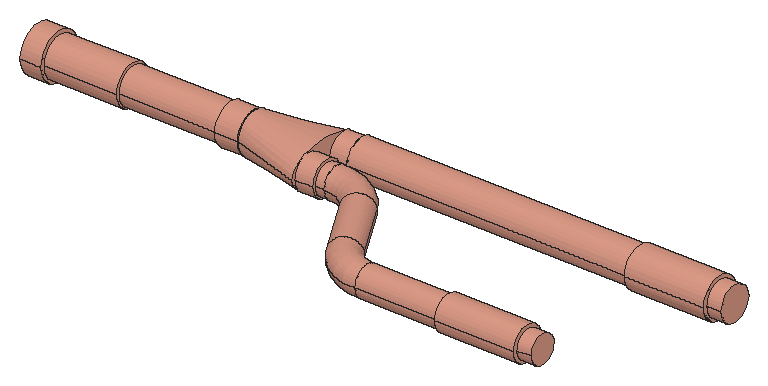
Revit family "outputfile", category 配管付属品, Revit 2024
Family settings
  丸型コネクタ寸法 = 半径を使用
  パーツ タイプ = 標準
  OmniClass 番号 = 23.65.55.00
  OmniClass タイトル = Distribution of Supplied Liquids/Gases
  作業面ベース = いいえ
  常に垂直 = はい
  ロード時にボイドで切り取り = いいえ
  共有 = いいえ
Parameters (values of type "KHRP25A33T")
  Description = ""
  製造元 = "Daikin"
  書き出し IFC クラス(タイプ) = "IfcPipeFittingType"
  定義済み IFC タイプ(タイプ) = "JUNCTION"
  Cost = 0
  Type Comments = ""
  Keynote = ""
  Type Image = (empty or 0)
  Assembly Code = ""
  mm⇔inch [instance] = yes
  l_dividePipe1 [instance] = size_lookup(table_StraightPipe, "l_dividePipe1", 10.0 mm, モデル)  # 10.0 mm
  Default Elevation = 0.0 mm
  モデル = "KHRP25A33T"
  table_StraightPipe [instance] = if(mm⇔inch, "Refnet Joint_KHRP25A-T_Gas_StraightPipe", "Refnet Joint_KHRP25A-T_Gas_StraightPipe_inch")  # "Refnet Joint_KHRP25A-T_Gas_StraightPipe"
  table_BranchPipe [instance] = if(mm⇔inch, "Refnet Joint_KHRP25A-T_Gas_BranchPipe", "Refnet Joint_KHRP25A-T_Gas_BranchPipe_inch")  # "Refnet Joint_KHRP25A-T_Gas_BranchPipe"
  table_Inlet [instance] = if(mm⇔inch, "Refnet Joint_KHRP25A-T_Gas_Inlet", "Refnet Joint_KHRP25A-T_Gas_Inlet_inch")  # "Refnet Joint_KHRP25A-T_Gas_Inlet"
  switch_StraightPipe_Reducer [instance] = if(Is_StraightPipe Reducer = 1, 1 = 1, 1 = 0)  # no
  switch_StraightPipe3 [instance] = if(number_StraightPipe = 3, 1 = 1, 1 = 0)  # no
  switch_StraightPipe2 [instance] = if(number_StraightPipe < 2, 1 = 0, 1 = 1)  # yes
  switch_BranchPipe_Reducer [instance] = if(Is_BranchPipe Reducer = 1, 1 = 1, 1 = 0)  # no
  switch_BranchPipe3 [instance] = if(number_BranchPipe = 3, 1 = 1, 1 = 0)  # no
  switch_BranchPipe2 [instance] = if(number_BranchPipe < 2, 1 = 0, 1 = 1)  # yes
  switch_Inlet pipe_Reducer [instance] = if(Is_Inlet Reducer = 1, 1 = 1, 1 = 0)  # no
  switch_Inlet pipe3 [instance] = if(number_InletPipe = 3, 1 = 1, 1 = 0)  # no
  switch_Inlet pipe2 [instance] = if(number_InletPipe < 2, 1 = 0, 1 = 1)  # yes
  Uniclass2015Version = "Products v1.31"
  Uniclass2015Title = "Copper pipe fittings"
  Uniclass2015Code = "Pr_65_52_63_18"
  URL = ""
  StraightPipe_Gas_ActualDiameter [instance] = 15.9 mm
  Material_Piping = DAIKIN_Copper_Pipe
  Material_Insulation = DAIKIN_White_Insulation
  lw_Insulation [instance] = size_lookup(table_Inlet, "lw_Insulation", 57.8 mm, モデル)  # 57.6 mm
  Unit Type = "KHRP25A-T_Gas"
  Tag No. [instance] = ""
  StraightPipe_Gas_Status [instance] = size_lookup(table_StraightPipe, "Information", "The connected pipe size is not available.", モデル, StraightPipe_Gas_ActualDiameter)  # "Default connector size is used."
  Link_Nested Family [instance] = ""
  Inlet_Gas_Actual Diameter [instance] = 22.2 mm
  IfcVersion = ""
  IfcExportType = "JUNCTION"
  IfcExportAs = "IfcPipeFittingType"
  BranchPipe_Gas_Status [instance] = size_lookup(table_BranchPipe, "Information", "The connected pipe size is not available.", モデル, BranchPipe_Gas_ActualDiameter)  # "Default connector size is used."
  Inlet_Gas_Status [instance] = size_lookup(table_Inlet, "Information", "The connected pipe size is not available.", モデル, Inlet_Gas_Actual Diameter)  # "Default connector size is used."
  Series = "Refnet Joint"
  O.R_dividePipe_Inlet [instance] = (I.D_InletPipe1 + 2.0 mm) / 2  # 10.55 mm
  r_StraightPipe_Connector [instance] = StraightPipe_Gas_ActualDiameter / 2  # 7.95 mm
  r_BranchPipe_Connector [instance] = BranchPipe_Gas_ActualDiameter / 2  # 6.35 mm
  r_Inlet_Connector [instance] = Inlet_Gas_Actual Diameter / 2  # 11.1 mm
  number_StraightPipe [instance] = size_lookup(table_StraightPipe, "pipeNumber", 2, モデル, StraightPipe_Gas_ActualDiameter)  # 2
  number_BranchPipe [instance] = size_lookup(table_BranchPipe, "pipeNumber", 2, モデル, BranchPipe_Gas_ActualDiameter)  # 2
  number_InletPipe [instance] = size_lookup(table_Inlet, "pipeNumber", 3, モデル, Inlet_Gas_Actual Diameter)  # 2
  r_BranchPipeR [instance] = size_lookup(table_BranchPipe, "r_offsetPipeR", 25.0 mm, モデル, BranchPipe_Gas_ActualDiameter)  # 25.0 mm
  l_BranchPipe_Straight2 [instance] = size_lookup(table_BranchPipe, "L_offsetPipe2", 43.0 mm, モデル)  # 43.0 mm
  l_BranchPipe_Straight1 [instance] = size_lookup(table_BranchPipe, "L_offsetPipe1", 5.0 mm, モデル)  # 5.0 mm
  l_BranchPipe connector [instance] = size_lookup(table_BranchPipe, "Length", 170.0 mm, モデル, BranchPipe_Gas_ActualDiameter)  # 170.0 mm
  l_inlet connector [instance] = size_lookup(table_Inlet, "Length", 130.0 mm, モデル, Inlet_Gas_Actual Diameter)  # 114.0 mm
  l_dividePipe [instance] = size_lookup(table_Inlet, "L_devidePipe", 38.0 mm, モデル)  # 38.0 mm
  l_StraightPipeReducer [instance] = size_lookup(table_StraightPipe, "L_Reducer", 80.0 mm, モデル, StraightPipe_Gas_ActualDiameter)  # 100.0 mm
  l_StraightPipe3 [instance] = size_lookup(table_StraightPipe, "L_Pipe3", 2.0 mm, モデル)  # 2.0 mm
  l_StraightPipe2 [instance] = size_lookup(table_StraightPipe, "L_Pipe2", 8.0 mm, モデル)  # 8.0 mm
  l_StraightPipe1 [instance] = size_lookup(table_StraightPipe, "L_Pipe1", 42.0 mm, モデル)  # 42.0 mm
  l_StraightPipe0 [instance] = size_lookup(table_StraightPipe, "L_Pipe0", 152.0 mm, モデル)  # 148.0 mm
  l_StraightPipe connector [instance] = size_lookup(table_StraightPipe, "Length", 212.0 mm, モデル, StraightPipe_Gas_ActualDiameter)  # 208.0 mm
  l_BranchPipe Reducer [instance] = size_lookup(table_BranchPipe, "L_Reducer", 80.0 mm, モデル, BranchPipe_Gas_ActualDiameter)  # 80.0 mm
  l_BranchPipe3 [instance] = size_lookup(table_BranchPipe, "L_Pipe3", 2.0 mm, モデル)  # 2.0 mm
  l_BranchPipe2 [instance] = size_lookup(table_BranchPipe, "L_Pipe2", 8.0 mm, モデル)  # 8.0 mm
  l_BranchPipe1 [instance] = size_lookup(table_BranchPipe, "L_Pipe1", 42.0 mm, モデル)  # 42.0 mm
  l_BranchPipe0 [instance] = size_lookup(table_BranchPipe, "L_Pipe0", 110.0 mm, モデル)  # 110.0 mm
  l_InletReducer [instance] = size_lookup(table_Inlet, "L_Reducer", 100.0 mm, モデル, Inlet_Gas_Actual Diameter)  # 100.0 mm
  l_InletPipe3 [instance] = size_lookup(table_Inlet, "L_Pipe3", 8.0 mm, モデル)  # 2.0 mm
  l_InletPipe2 [instance] = size_lookup(table_Inlet, "L_Pipe2", 42.0 mm, モデル)  # 11.0 mm
  l_InletPipe1 [instance] = size_lookup(table_Inlet, "L_Pipe1", 40.0 mm, モデル)  # 39.0 mm
  l_InletPipe0 [instance] = size_lookup(table_Inlet, "L_Pipe0", 28.0 mm, モデル)  # 52.0 mm
  center_StraightPipe [instance] = size_lookup(table_StraightPipe, "center_Pipe", 11.5 mm, モデル)  # 11.5 mm
  center_BranchPipe2 [instance] = size_lookup(table_BranchPipe, "center_OffsetPipe", 68.5 mm, モデル)  # 68.5 mm
  center_BranchPipe1 [instance] = size_lookup(table_BranchPipe, "center_Pipe", 11.5 mm, モデル)  # 11.5 mm
  StraightPipe_Gas_AvailableDiameter [instance] = size_lookup(table_StraightPipe, "sizeVariation", "", モデル)  # "15.9/19.1/22.2mm"
  BranchPipe_Gas_AvailableDiameter [instance] = size_lookup(table_BranchPipe, "sizeVariation", "", モデル)  # "12.7/15.9/19.1mm"
  Inlet_Gas_Available Diameter [instance] = size_lookup(table_Inlet, "sizeVariation", "", モデル)  # "19.1/22.2/25.4mm"
  O.D_StraightPipe Reducer [instance] = size_lookup(table_StraightPipe, "O.D_reducer", 2.0 mm, モデル, StraightPipe_Gas_ActualDiameter)  # 2.0 mm
  O.D_Offset Outlet Reducer [instance] = size_lookup(table_BranchPipe, "O.D_reducer", 2.0 mm, モデル, BranchPipe_Gas_ActualDiameter)  # 2.0 mm
  O.D_Inlet Reducer [instance] = size_lookup(table_Inlet, "O.D_reducer", 2.0 mm, モデル, Inlet_Gas_Actual Diameter)  # 2.0 mm
  Is_StraightPipe Reducer [instance] = size_lookup(table_StraightPipe, "IsReducer", 0, モデル, StraightPipe_Gas_ActualDiameter)  # 0
  Is_BranchPipe Reducer [instance] = size_lookup(table_BranchPipe, "IsReducer", 0, モデル, BranchPipe_Gas_ActualDiameter)  # 0
  Is_Inlet Reducer [instance] = size_lookup(table_Inlet, "IsReducer", 0, モデル, Inlet_Gas_Actual Diameter)  # 0
  BranchPipe_Gas_ActualDiameter [instance] = 12.7 mm
  Attach_Insulation [instance] = no
  I.D_StraightPipe3 [instance] = size_lookup(table_StraightPipe, "I.D_PipeSize3", 2.0 mm, モデル)  # 2.0 mm
  I.D_StraightPipe2 [instance] = size_lookup(table_StraightPipe, "I.D_PipeSize2", 12.7 mm, モデル)  # 15.9 mm
  I.D_StraightPipe1 [instance] = size_lookup(table_StraightPipe, "I.D_PipeSize1", 15.9 mm, モデル)  # 19.1 mm
  I.D_StraightPipe0 [instance] = size_lookup(table_StraightPipe, "I.D_PipeSize0", 13.9 mm, モデル)  # 17.1 mm
  I.D_BranchPipe3 [instance] = size_lookup(table_BranchPipe, "I.D_PipeSize3", 2.0 mm, モデル)  # 2.0 mm
  I.D_BranchPipe2 [instance] = size_lookup(table_BranchPipe, "I.D_PipeSize2", 12.7 mm, モデル)  # 12.7 mm
  I.D_BranchPipe1 [instance] = size_lookup(table_BranchPipe, "I.D_PipeSize1", 15.9 mm, モデル)  # 15.9 mm
  I.D_BranchPipe0 [instance] = size_lookup(table_BranchPipe, "I.D_PipeSize0", 13.9 mm, モデル)  # 13.9 mm
  I.D_Straight Reducer [instance] = size_lookup(table_StraightPipe, "I.D_reducer", 2.0 mm, モデル, StraightPipe_Gas_ActualDiameter)  # 2.0 mm
  I.D_OutletPipe [instance] = size_lookup(table_Inlet, "I.D_OutletPipeSize", 16.0 mm, モデル, Inlet_Gas_Actual Diameter)  # 16.0 mm
  I.D_Branch Reducer [instance] = size_lookup(table_BranchPipe, "I.D_reducer", 2.0 mm, モデル, BranchPipe_Gas_ActualDiameter)  # 2.0 mm
  I.D_Inlet Reducer [instance] = size_lookup(table_Inlet, "I.D_reducer", 2.0 mm, モデル, Inlet_Gas_Actual Diameter)  # 2.0 mm
  I.D_InletPipe3 [instance] = size_lookup(table_Inlet, "I.D_PipeSize3", 12.7 mm, モデル)  # 2.0 mm
  I.D_InletPipe2 [instance] = size_lookup(table_Inlet, "I.D_PipeSize2", 15.9 mm, モデル)  # 22.2 mm
  I.D_InletPipe1 [instance] = size_lookup(table_Inlet, "I.D_PipeSize1", 19.1 mm, モデル)  # 19.1 mm
  I.D_InletPipe0 [instance] = size_lookup(table_Inlet, "I.D_PipeSize0", 17.1 mm, モデル)  # 17.1 mm
Reference planes
  plane 1 "Center (Front/Back)": y = 0
  plane 2: z = 0
  plane 3 "base_left": x = 0
  plane 4: x = 2
  plane 5: x = 13
  plane 6: x = 52
  plane 7: x = 104
  plane 8: x = 116
  plane 9: x = 154
  plane 10: x = 164
  plane 11 "center_straight outlet": y = 11.5
  plane 12 "center2_offset outlet": y = -68.5
  plane 13 "center1_offset outlet": y = -11.5
  plane 14: x = 312
  plane 15: x = 354
  plane 16: x = 362
  plane 17: x = 274
  plane 18: x = 316
  plane 19: x = 324
  plane 20: x = 364
  plane 21: x = 326
  plane 22 "Reducer_straightoutlet": x = 324
  plane 23: x = 362
  plane 24: y = -22.05
  plane 25: z = 10.55
  plane 26 "Inlet_connector": x = 2
  plane 27 "Left_Insulation": x = 58.4
Forms (mm)
  SweptBlend 1, solid, material "DAIKIN_Copper_Pipe" <- "Material_Piping"
    path origin (0, 0, 0) x (1, 0, 0) y (0, 1, 0)
      loop
        line (116, 0) -> (154, 0)
    profile origin (116, 0, 0) x (0, 1, 0) y (0, 0, 1)
      loop
        circle (0, 0) r 10.55
    end profile origin (154, 0, 0) x (0, 1, 0) y (0, 0, 1)
      loop
        spline (-22.05, 0) -> (-21.299, -2.731) -> (-19.096, -5.275) -> (-15.592, -7.46) -> (-11.025, -9.137) -> (-5.707, -10.191) -> (0, -10.55) -> (5.707, -10.191) -> (11.025, -9.137) -> (15.592, -7.46) -> (19.096, -5.275) -> (21.299, -2.731) -> (22.05, 0)
        spline (22.05, 0) -> (21.299, 2.731) -> (19.096, 5.275) -> (15.592, 7.46) -> (11.025, 9.137) -> (5.707, 10.191) -> (0, 10.55) -> (-5.707, 10.191) -> (-11.025, 9.137) -> (-15.592, 7.46) -> (-19.096, 5.275) -> (-21.299, 2.731) -> (-22.05, 0)
Dimensions and locks
  "l_InletPipe3": plane 3 "base_left" to plane 4
  "l_InletPipe2": plane 4 to plane 5
  "l_InletPipe1": plane 5 to plane 6
  "l_InletPipe0": plane 6 to plane 7
  locked: plane 7 to plane 8 at 12
  "center_StraightPipe": plane 1 "Center (Front/Back)" to plane 11 "center_straight outlet"
  "center_BranchPipe2": plane 12 "center2_offset outlet" to plane 1 "Center (Front/Back)"
  "center_BranchPipe1": plane 13 "center1_offset outlet" to plane 1 "Center (Front/Back)"
  "l_dividePipe": plane 8 to plane 9
  "l_dividePipe1": plane 9 to plane 10
  "l_StraightPipe0": plane 10 to plane 14
  "l_BranchPipe0": plane 10 to plane 17
  "l_BranchPipe1": plane 17 to plane 18
  "l_BranchPipe2": plane 18 to plane 19
  "l_StraightPipe1": plane 14 to plane 15
  "l_StraightPipe2": plane 15 to plane 16
  "l_StraightPipe3": plane 16 to plane 20
  "l_BranchPipe3": plane 19 to plane 21
  "l_BranchPipe connector": plane 9 to plane 22 "Reducer_straightoutlet"
  "l_StraightPipe connector": plane 9 to plane 23
  "O.R_dividePipe_Inlet": plane 24 to plane 13 "center1_offset outlet"
  "O.R_dividePipe_Inlet": plane 25 to plane 2
  "l_inlet connector": plane 26 "Inlet_connector" to plane 8
  "lw_Insulation": plane 27 "Left_Insulation" to plane 8
  "O.R_dividePipe_Inlet": radius of SweptBlend 1 sketch curve
  aligned and locked: level to plane 2
  aligned and locked: plane 2 to nested 1
  aligned and locked: plane 3 "base_left" to nested 1
  aligned and locked: plane 1 "Center (Front/Back)" to nested 1
  aligned and locked: plane 4 to nested 2
  aligned and locked: plane 1 "Center (Front/Back)" to nested 2
  aligned and locked: plane 5 to nested 2
  aligned and locked: plane 5 to nested 3
  aligned and locked: plane 6 to nested 3
  aligned and locked: plane 6 to nested 4
  aligned and locked: nested 4 to plane 7
  aligned and locked: nested 5 to plane 7
  aligned and locked: nested 5 to plane 8
  aligned and locked: plane 8 to SweptBlend 1 sketch curve
  aligned and locked: plane 9 to SweptBlend 1 sketch curve
  aligned and locked: plane 2 to SweptBlend 1 sketch curve  (x2)
  aligned and locked: plane 1 "Center (Front/Back)" to SweptBlend 1 sketch curve  (x2)
  aligned and locked: nested 6 to plane 9
  aligned and locked: nested 7 to plane 9
  aligned and locked: nested 6 to plane 11 "center_straight outlet"
  aligned and locked: nested 7 to plane 13 "center1_offset outlet"
  aligned and locked: nested 7 to plane 10
  aligned and locked: nested 6 to plane 10
  aligned and locked: nested 8 to plane 10
  aligned and locked: plane 14 to nested 8
  aligned and locked: nested 8 to plane 11 "center_straight outlet"
  aligned and locked: plane 14 to nested 9
  aligned and locked: nested 9 to plane 11 "center_straight outlet"
  aligned and locked: plane 15 to nested 9
  aligned and locked: nested 10 to plane 11 "center_straight outlet"
  aligned and locked: plane 15 to nested 10
  aligned and locked: plane 16 to nested 10
  aligned and locked: nested 11 to plane 12 "center2_offset outlet"
  aligned and locked: plane 17 to nested 11
  aligned and locked: plane 18 to nested 11
  aligned and locked: nested 12 to plane 12 "center2_offset outlet"
  aligned and locked: plane 18 to nested 12
  aligned and locked: plane 19 to nested 12
  aligned and locked: nested 13 to plane 10
  aligned and locked: nested 13 to plane 13 "center1_offset outlet"
  aligned and locked: nested 13 to plane 12 "center2_offset outlet"
  aligned and locked: plane 8 to nested 14
  aligned and locked: plane 1 "Center (Front/Back)" to nested 14
  aligned and locked: plane 11 "center_straight outlet" to nested 15
  aligned and locked: nested 15 to plane 9
  aligned and locked: nested 16 to plane 9
  aligned and locked: plane 12 "center2_offset outlet" to nested 16
  aligned and locked: nested 17 to plane 1 "Center (Front/Back)"
  aligned and locked: plane 16 to nested 18
  aligned and locked: plane 20 to nested 18
  aligned and locked: plane 19 to nested 19
  aligned and locked: plane 21 to nested 19
  aligned and locked: nested 20 to plane 12 "center2_offset outlet"
  aligned and locked: plane 23 to nested 21
  aligned and locked: nested 21 to plane 11 "center_straight outlet"
  aligned and locked: plane 4 to nested 1
  aligned and locked: plane 24 to SweptBlend 1 sketch curve
  aligned and locked: plane 25 to SweptBlend 1 sketch curve
  aligned and locked: nested 19 to plane 12 "center2_offset outlet"
  aligned and locked: nested 18 to plane 11 "center_straight outlet"
  aligned and locked: nested 17 to plane 26 "Inlet_connector"
  aligned and locked: plane 22 "Reducer_straightoutlet" to nested 20
  aligned and locked: plane 27 "Left_Insulation" to nested 22
  aligned and locked: plane 1 "Center (Front/Back)" to nested 22
Automatic sketch dimensions
  plane 1 "Center (Front/Back)" to SweptBlend 1 sketch curve = 0.0 mm
Nested families
  nested 1: "daikin_Pipe" at (1, 0, 0), I.D_Pipe <- "I.D_InletPipe3", display <- "switch_Inlet pipe3", type "*"
    with length_Pipe 2.0 mm, display no, O.D_Pipe 4.0 mm, I.D_Pipe 2.0 mm
  nested 2: "daikin_Pipe" at (7.5, 0, 0), I.D_Pipe <- "I.D_InletPipe2", display <- "switch_Inlet pipe2", type "*"
    with length_Pipe 11.0 mm, display yes, O.D_Pipe 24.2 mm, I.D_Pipe 22.2 mm
  nested 3: "daikin_Pipe" at (32.5, 0, 0), I.D_Pipe <- "I.D_InletPipe1", type "*"
    with length_Pipe 39.0 mm, display yes, O.D_Pipe 21.1 mm, I.D_Pipe 19.1 mm
  nested 4: "daikin_Pipe" at (78, 0, 0), I.D_Pipe <- "I.D_InletPipe0", type "*"
    with length_Pipe 52.0 mm, display yes, O.D_Pipe 19.1 mm, I.D_Pipe 17.1 mm
  nested 5: "daikin_Pipe" at (110, 0, 0), I.D_Pipe <- "I.D_InletPipe1", type "*"
    with length_Pipe 12.0 mm, display yes, O.D_Pipe 21.1 mm, I.D_Pipe 19.1 mm
  nested 6: "daikin_Pipe" at (159, 11.5, 0), I.D_Pipe <- "I.D_OutletPipe", type "*"
    with length_Pipe 10.0 mm, display yes, O.D_Pipe 18.0 mm, I.D_Pipe 16.0 mm
  nested 7: "daikin_Pipe" at (159, -11.5, 0), I.D_Pipe <- "I.D_OutletPipe", type "*"
    with length_Pipe 10.0 mm, display yes, O.D_Pipe 18.0 mm, I.D_Pipe 16.0 mm
  nested 8: "daikin_Pipe" at (238, 11.5, 0), I.D_Pipe <- "I.D_StraightPipe0", type "*"
    with length_Pipe 148.0 mm, display yes, O.D_Pipe 19.1 mm, I.D_Pipe 17.1 mm
  nested 9: "daikin_Pipe" at (333, 11.5, 0), I.D_Pipe <- "I.D_StraightPipe1", type "*"
    with length_Pipe 42.0 mm, display yes, O.D_Pipe 21.1 mm, I.D_Pipe 19.1 mm
  nested 10: "daikin_Pipe" at (358, 11.5, 0), I.D_Pipe <- "I.D_StraightPipe2", display <- "switch_StraightPipe2", type "*"
    with length_Pipe 8.0 mm, display yes, O.D_Pipe 17.9 mm, I.D_Pipe 15.9 mm
  nested 11: "daikin_Pipe" at (295, -68.5, 0), I.D_Pipe <- "I.D_BranchPipe1", type "*"
    with length_Pipe 42.0 mm, display yes, O.D_Pipe 17.9 mm, I.D_Pipe 15.9 mm
  nested 12: "daikin_Pipe" at (320, -68.5, 0), I.D_Pipe <- "I.D_BranchPipe2", display <- "switch_BranchPipe2", type "*"
    with length_Pipe 8.0 mm, display yes, O.D_Pipe 14.7 mm, I.D_Pipe 12.7 mm
  nested 13: "daikin_Pipe Ofsset" at (164, -11.5, 0), I.D_Pipe size <- "I.D_BranchPipe0", length_straight pipe1 <- "l_BranchPipe_Straight1", length_straight pipe2 <- "l_BranchPipe_Straight2", r_Pipe R <- "r_BranchPipeR", length_Pipe <- "l_BranchPipe0", type "*"
    with r_Pipe R 25.0 mm, length_straight pipe2 43.0 mm, length_straight pipe1 5.0 mm, length_offset center 57.0 mm, length_Pipe 110.0 mm, O.D_Pipe size 15.9 mm, I.D_Pipe size 13.9 mm
  nested 14: "daikin_connector_rotate2" at (116, 0, 0) x (0, -1, 0) z (0, 0, 1), length <- "l_inlet connector", type "daikin_connector_rotate2"
    with radius 5.0 mm, length 114.0 mm, angle_vertical 90.00°, locaton_mark no
  nested 15: "daikin_connector_rotate2" at (154, 11.5, 0) x (0, 1, 0) z (0, 0, 1), length <- "l_StraightPipe connector", type "daikin_connector_rotate2"
    with radius 5.0 mm, length 208.0 mm, angle_vertical 90.00°, locaton_mark no
  nested 16: "daikin_connector_rotate2" at (154, -68.5, 0) x (0, 1, 0) z (0, 0, 1), length <- "l_BranchPipe connector", type "daikin_connector_rotate2"
    with radius 5.0 mm, length 170.0 mm, angle_vertical 90.00°, locaton_mark no
  nested 17: "daikin_Pipe_reducer" at (52, 0, 0) x (-1, 0, 0) z (0, 0, 1), display <- "switch_Inlet pipe_Reducer", length_Pipe <- "l_InletReducer", I.D_Pipe1 <- "I.D_Inlet Reducer", O.D_Pipe2 <- "O.D_Inlet Reducer", type "*"
    with length_Pipe 100.0 mm, display no, O.D_Pipe2 2.0 mm, O.D_Pipe1 4.0 mm, I.D_Pipe2 0.0 mm, I.D_Pipe1 2.0 mm
  nested 18: "daikin_Pipe" at (363, 11.5, 0), I.D_Pipe <- "I.D_StraightPipe3", display <- "switch_StraightPipe3", type "*"
    with length_Pipe 2.0 mm, display no, O.D_Pipe 4.0 mm, I.D_Pipe 2.0 mm
  nested 19: "daikin_Pipe" at (325, -68.5, 0), I.D_Pipe <- "I.D_BranchPipe3", display <- "switch_BranchPipe3", type "*"
    with length_Pipe 2.0 mm, display no, O.D_Pipe 4.0 mm, I.D_Pipe 2.0 mm
  nested 20: "daikin_Pipe_reducer" at (284, -68.5, 0), I.D_Pipe1 <- "I.D_Branch Reducer", O.D_Pipe2 <- "O.D_Offset Outlet Reducer", length_Pipe <- "l_BranchPipe Reducer", display <- "switch_BranchPipe_Reducer", type "*"
    with length_Pipe 80.0 mm, display no, O.D_Pipe2 2.0 mm, O.D_Pipe1 4.0 mm, I.D_Pipe2 0.0 mm, I.D_Pipe1 2.0 mm
  nested 21: "daikin_Pipe_reducer" at (312, 11.5, 0), I.D_Pipe1 <- "I.D_Straight Reducer", O.D_Pipe2 <- "O.D_StraightPipe Reducer", length_Pipe <- "l_StraightPipeReducer", display <- "switch_StraightPipe_Reducer", type "*"
    with length_Pipe 100.0 mm, display no, O.D_Pipe2 2.0 mm, O.D_Pipe1 4.0 mm, I.D_Pipe2 0.0 mm, I.D_Pipe1 2.0 mm
  nested 22: "daikin_Insulation_RefnetJoint" at (58.4, 0, 0), I.D_Outlet PipeSize <- "I.D_OutletPipe", type "*"
    with h 48.0 mm, I.D_Outlet PipeSize 16.0 mm, h_Insulation 203.2 mm, d_Insulation3_3 69.5 mm, d_Insulation2_2 39.5 mm, d_Insulation1_1 27.5 mm, w_Insulation4 65.6 mm, w_Insulation3 38.9 mm, w_Insulation2 75.0 mm, w_Insulation1 35.0 mm, display no, d_Insulation2 39.5 mm, d_Insulation1 27.5 mm
Connectors
  piping at (2, 0, 0), diameter 22.2, driven by "r_Inlet_Connector"
    settings: on nested 14, index 1, connector inside diameter 609.6 mm, connector length 0.0 mm, flow factor 0, pipe flow 0.00 m³/h, pressure drop 0.0 Pa, fitting loss kfactor 0, connector angle 0.00°, fixture units 0, engagement length 0.0 mm, angle of deflection 0.00°, flow configuration 0, flow direction 2, fitting loss method 0, system type 29, joint type 0, gender type 0, connector reference index -1, connector utility 0, adjustable connector no, is connector primary yes, connector description "Refnet Joint_Inlet_Gas"
  piping at (324, -68.5, 0), diameter 12.7, driven by "r_BranchPipe_Connector"
    settings: on nested 16, index 2, connector inside diameter 609.6 mm, connector length 0.0 mm, flow factor 0, pipe flow 0.00 m³/h, pressure drop 0.0 Pa, fitting loss kfactor 0, connector angle 0.00°, fixture units 0, engagement length 0.0 mm, angle of deflection 0.00°, flow configuration 0, flow direction 1, fitting loss method 0, system type 29, joint type 0, gender type 0, connector reference index -1, connector utility 0, adjustable connector no, is connector primary no, connector description "Refnet Joint_Outlet Branch_Gas"
  piping at (362, 11.5, 0), diameter 15.9, driven by "r_StraightPipe_Connector"
    settings: on nested 15, index 3, connector inside diameter 609.6 mm, connector length 0.0 mm, flow factor 0, pipe flow 0.00 m³/h, pressure drop 0.0 Pa, fitting loss kfactor 0, connector angle 0.00°, fixture units 0, engagement length 0.0 mm, angle of deflection 0.00°, flow configuration 0, flow direction 1, fitting loss method 0, system type 29, joint type 0, gender type 0, connector reference index -1, connector utility 0, adjustable connector no, is connector primary no, connector description "Refnet Joint_Outlet Straight_Gas"
Definition of nested family "daikin_Pipe"
  Parameters (values of type "*")
    Default Elevation = 0.0 mm
    material = none
    length_Pipe [instance] = 150.0 mm
    display [instance] = yes
    O.D_Pipe [instance] = I.D_Pipe + 2.0 mm  # 27.0 mm
    I.D_Pipe [instance] = 25.0 mm
  Reference planes
    plane 1 "Center (Front/Back)": y = 0
    plane 2 "center(vertical)": z = 0
    plane 3 "Center (Left/Right)": x = 0
    plane 4 "left": x = -75
    plane 5 "right": x = 75
  Forms (mm)
    Extrusion 1, solid, material <- "material", visible <- "display"
      sketch origin (0, 0, 0) x (0, 1, 0) y (0, 0, 1)
        loop
          circle (0, 0) r 13.5
      from -75 to 75
  Dimensions and locks
    equal spacing: plane 4 "left", plane 3 "Center (Left/Right)", plane 5 "right"
    "length_Pipe": plane 4 "left" to plane 5 "right"
    "O.D_Pipe": diameter of Extrusion 1 sketch curve
    aligned and locked: level to plane 2 "center(vertical)"
    aligned and locked: plane 2 "center(vertical)" to Extrusion 1 sketch curve
    aligned and locked: plane 1 "Center (Front/Back)" to Extrusion 1 sketch curve
    aligned and locked: plane 5 "right" to Extrusion 1
    aligned and locked: Extrusion 1 to plane 4 "left"
Definition of nested family "daikin_Pipe Ofsset"
  Parameters (values of type "*")
    Default Elevation = 0.0 mm
    r_Pipe R [instance] = 40.0 mm
    material = none
    length_straight pipe2 [instance] = 43.0 mm
    length_straight pipe1 [instance] = 5.0 mm
    length_offset center [instance] = 57.0 mm
    length_Pipe [instance] = 110.0 mm
    O.D_Pipe size [instance] = I.D_Pipe size + 2.0 mm  # 12.0 mm
    I.D_Pipe size [instance] = 10.0 mm
  Reference planes
    plane 1 "Center (Front/Back)": y = 0
    plane 2: z = 0
    plane 3 "Center (Left/Right)": x = 0
    plane 4: y = -57
    plane 5: x = 110
    plane 6: x = 67
    plane 7: x = 5
  Forms (mm)
    Sweep 1, solid, material <- "material"
      path origin (0, 0, 0) x (1, 0, 0) y (0, 1, 0)
        loop
          line (0, 0) -> (5, 0)
          arc (5, 0) -> (20.74, -3.227) -> (33.94, -12.387) r 40
          line (33.94, -12.387) -> (38.06, -44.613)
          arc (38.06, -44.613) -> (51.26, -53.773) -> (67, -57) r 40
          line (67, -57) -> (110, -57)
      profile origin (2.5, 0, 0) x (0, 1, 0) y (0, 0, 1)
        loop
          circle (0, 0) r 6
  Dimensions and locks
    "length_offset center": plane 4 to plane 1 "Center (Front/Back)"
    "length_straight pipe1": plane 3 "Center (Left/Right)" to plane 7
    "length_Pipe": plane 3 "Center (Left/Right)" to plane 5
    "length_straight pipe2": plane 6 to plane 5
    "O.D_Pipe size": diameter of Sweep 1 sketch curve
    "r_Pipe R": radius of Sweep 1 sketch curve  (x2)
    aligned and locked: level to plane 2
    aligned and locked: plane 1 "Center (Front/Back)" to Sweep 1 sketch curve
    aligned and locked: profile plane to Sweep 1 sketch curve
    aligned and locked: plane 5 to Sweep 1 sketch curve
    aligned and locked: plane 7 to Sweep 1 sketch curve
    aligned and locked: plane 6 to Sweep 1 sketch curve
  Automatic sketch dimensions
    plane 1 "Center (Front/Back)" to Sweep 1 sketch curve = 0.0 mm
    Sweep 1 sketch curve to plane 3 "Center (Left/Right)" = 0.0 mm
    plane 4 to Sweep 1 sketch curve = 0.0 mm
    plane 1 "Center (Front/Back)" to Sweep 1 sketch curve = 12.387 mm
    Sweep 1 sketch curve to plane 4 = 12.387 mm
Definition of nested family "daikin_connector_rotate2"
  Parameters (values of type "daikin_connector_rotate2")
    show_face = no
    radius [instance] = 10.0 mm
    locaton_mark = yes
    length [instance] = 600.0 mm
    d_surface = 10.0 mm
    angle_vertical [instance] = 90.00°
    Default Elevation = 0.0 mm
  Reference planes
    plane 1 "Center (Front/Back)": y = 0
    plane 2: z = 0
    plane 3 "Center (Left/Right)": x = 0
  Forms (mm)
    Extrusion 1, solid, visible <- "show_face"
      sketch origin (0, -600, 0) x (1, 0, 0) y (0, 0, 1)
        loop
          circle (0, 0) r 10
      from 0 to -10
  Lines and regions (mm)
    reference lines
      curve 1: line (0, 0, 0) -> (0, -600, 0)
    symbolic lines, visible <- "locaton_mark"
      curve 2: circle (0, 0, 0) r 5 normal (0, 0, 1)
    model lines, visible <- "show_face"
      curve 3: line (0, 0, 0) -> (0, -600, 0)
  Dimensions and locks
    "length": curve 1 to curve 1
    "length": curve 3 to curve 3
    "d_surface": Extrusion 1 to Extrusion 1
    "radius": radius of Extrusion 1 sketch curve
    "angle_vertical": angle curve 1 to plane 1 "Center (Front/Back)"
    "angle_vertical": angle curve 3 to plane 1 "Center (Front/Back)"
    aligned and locked: level to plane 2
    aligned and locked: plane 1 "Center (Front/Back)" to curve 1
    aligned and locked: plane 2 to curve 1
    aligned and locked: plane 1 "Center (Front/Back)" to curve 2
    aligned and locked: plane 3 "Center (Left/Right)" to curve 2
    aligned and locked: plane 1 "Center (Front/Back)" to curve 3
    aligned and locked: plane 2 to curve 3
    aligned and locked: Extrusion 1 to Extrusion 1
  Automatic sketch dimensions
    Extrusion 1 sketch curve to level = 0.0 mm
    Extrusion 1 sketch curve to plane 3 "Center (Left/Right)" = 0.0 mm
    radius of curve 2 = 5.0 mm
Definition of nested family "daikin_Pipe_reducer"
  Parameters (values of type "*")
    Default Elevation = 0.0 mm
    material = none
    length_Pipe [instance] = 250.0 mm
    display [instance] = yes
    O.D_Pipe2 [instance] = 19.1 mm
    O.D_Pipe1 [instance] = I.D_Pipe1 + 2.0 mm  # 24.2 mm
    I.D_Pipe2 [instance] = O.D_Pipe2 - 2.0 mm  # 17.1 mm
    I.D_Pipe1 [instance] = 22.2 mm
  Reference planes
    plane 1 "Center (Front/Back)": y = 0
    plane 2 "center(vertical)": z = 0
    plane 3 "Center (Left/Right)": x = 0
    plane 4 "connection": x = -125
    plane 5 "right": x = 113
    plane 6: x = 125
  Forms (mm)
    Extrusion 1, solid, material <- "material", visible <- "display"
      sketch origin (0, 0, 0) x (0, 1, 0) y (0, 0, 1)
        loop
          circle (0, 0) r 9.55
      from -125 to 113
    Extrusion 2, solid, material <- "material", visible <- "display"
      sketch origin (0, 0, 0) x (0, 1, 0) y (0, 0, 1)
        loop
          circle (0, 0) r 12.1
      from 113 to 125
  Dimensions and locks
    locked: plane 5 "right" to plane 6 at 12
    "length_Pipe": plane 4 "connection" to plane 6
    equal spacing: plane 4 "connection", plane 3 "Center (Left/Right)", plane 6
    "O.D_Pipe2": diameter of Extrusion 1 sketch curve
    "O.D_Pipe1": diameter of Extrusion 2 sketch curve
    aligned and locked: level to plane 2 "center(vertical)"
    aligned and locked: plane 2 "center(vertical)" to Extrusion 1 sketch curve
    aligned and locked: plane 1 "Center (Front/Back)" to Extrusion 1 sketch curve
    aligned and locked: plane 5 "right" to Extrusion 1
    aligned and locked: Extrusion 1 to plane 4 "connection"
    aligned and locked: plane 2 "center(vertical)" to Extrusion 2 sketch curve
    aligned and locked: plane 1 "Center (Front/Back)" to Extrusion 2 sketch curve
    aligned and locked: Extrusion 2 to plane 5 "right"
    aligned and locked: plane 6 to Extrusion 2
Definition of nested family "daikin_Insulation_RefnetJoint"
  Parameters (values of type "*")
    r_Insulation = size_lookup(table_Insulation, "r_Insulation", 13.5 mm, Model)  # 13.5 mm
    h_Insulation = size_lookup(table_Insulation, "h_Insulation", 202.5 mm, Model)  # 202.5 mm
    d_Insulation3_3 = size_lookup(table_Insulation, "d_Insulation3_3", 68.0 mm, Model)  # 68.0 mm
    d_Insulation2_2 = size_lookup(table_Insulation, "d_Insulation2_2", 38.0 mm, Model)  # 38.0 mm
    d_Insulation1_1 = size_lookup(table_Insulation, "d_Insulation1_1", 26.5 mm, Model)  # 26.5 mm
    Default Elevation = 0.0 mm
    Model = "KHRP25A22T"
    w_Insulation5 = size_lookup(table_Insulation, "w_Insulation5", 212.0 mm, Model)  # 212.0 mm
    w_Insulation4 = size_lookup(table_Insulation, "w_Insulation4", 67.0 mm, Model)  # 67.0 mm
    w_Insulation3 = size_lookup(table_Insulation, "w_Insulation3", 34.7 mm, Model)  # 34.7 mm
    w_Insulation2 = size_lookup(table_Insulation, "w_Insulation2", 80.0 mm, Model)  # 80.0 mm
    w_Insulation1 = size_lookup(table_Insulation, "w_Insulation1", 22.0 mm, Model)  # 22.0 mm
    table_Insulation = "Refnet Joint_KHRP25A-T_Gas_Insulation"  # constant formula
    material = none
    h [instance] = (I.D_Outlet PipeSize + 2.0 mm) + 30.0 mm  # 47.0 mm
    display = yes
    d_Insulation3 = size_lookup(table_Insulation, "d_Insulation3", 63.5 mm, Model)  # 63.5 mm
    d_Insulation2 = size_lookup(table_Insulation, "d_Insulation2", 41.0 mm, Model)  # 41.0 mm
    d_Insulation1 = size_lookup(table_Insulation, "d_Insulation1", 29.5 mm, Model)  # 29.5 mm
    I.D_Outlet PipeSize [instance] = 15.0 mm
  Reference planes
    plane 1 "Center (Front/Back)": y = 0
    plane 2: z = 0
    plane 3 "Left": x = 0
    plane 4 "top": z = 23.5
    plane 5 "bottom": z = -23.5
    plane 6: x = 22
    plane 7: x = 80
    plane 8: y = 26.5
    plane 9: y = -29.5
    plane 10: y = 38
    plane 11: y = -41
    plane 12: y = -93.5
    plane 13: x = 212
    plane 14: y = -30
    plane 15: x = 114.7
    plane 16: x = 145
    plane 17: x = 202.5
  Forms (mm)
    Extrusion 1, solid, material <- "material", visible <- "display"
      sketch origin (0, 0, 0) x (1, 0, 0) y (0, 1, 0)
        loop
          line (22, 26.5) -> (0, 26.5) -> (0, -29.5) -> (22, -29.5) -> (80, -41) -> (114.7, -41) -> (145, -93.5) -> (212, -93.5) -> (212, -43.5) -> (202.5, -43.5)
          arc (202.5, -43.5) -> (189, -30) -> (202.5, -16.5) r 13.5
          line (202.5, -16.5) -> (212, -16.5) -> (212, 38) -> (80, 38) -> (22, 26.5)
      from -23.5 to 23.5
  Dimensions and locks
    equal spacing: plane 4 "top", plane 2, plane 5 "bottom"
    "h": plane 4 "top" to plane 5 "bottom"
    "w_Insulation1": plane 3 "Left" to plane 6
    "w_Insulation2": plane 3 "Left" to plane 7
    "w_Insulation5": plane 3 "Left" to plane 13
    "w_Insulation3": plane 7 to plane 15
    "w_Insulation4": plane 16 to plane 13
    "d_Insulation1": plane 1 "Center (Front/Back)" to plane 9
    "d_Insulation1_1": plane 8 to plane 1 "Center (Front/Back)"
    "d_Insulation2": plane 1 "Center (Front/Back)" to plane 11
    "d_Insulation2_2": plane 10 to plane 1 "Center (Front/Back)"
    "d_Insulation3_3": plane 10 to plane 14
    "d_Insulation3": plane 14 to plane 12
    "r_Insulation": Extrusion 1 sketch curve to plane 14
    "r_Insulation": plane 14 to Extrusion 1 sketch curve
    "h_Insulation": plane 3 "Left" to plane 17
    "r_Insulation": radius of Extrusion 1 sketch curve
    aligned and locked: level to plane 2
    aligned and locked: Extrusion 1 to plane 5 "bottom"
    aligned and locked: plane 4 "top" to Extrusion 1
    aligned and locked: plane 6 to Extrusion 1  (x2)
    aligned and locked: plane 7 to Extrusion 1  (x2)
    aligned and locked: plane 6 to Extrusion 1 sketch curve
    aligned and locked: plane 11 to Extrusion 1 sketch curve
    aligned and locked: plane 7 to Extrusion 1 sketch curve  (x2)
    aligned and locked: plane 10 to Extrusion 1 sketch curve
    aligned and locked: Extrusion 1 sketch curve to plane 12
    aligned and locked: Extrusion 1 sketch curve to plane 13  (x2)
    aligned and locked: plane 16 to Extrusion 1 sketch curve
    aligned and locked: plane 15 to Extrusion 1 sketch curve
    aligned and locked: plane 17 to Extrusion 1 sketch curve
  Automatic sketch dimensions
    Extrusion 1 sketch curve to plane 3 "Left" = 0.0 mm
    Extrusion 1 sketch curve to plane 6 = 0.0 mm
    Extrusion 1 sketch curve to plane 9 = 0.0 mm
    Extrusion 1 sketch curve to plane 8 = 0.0 mm
